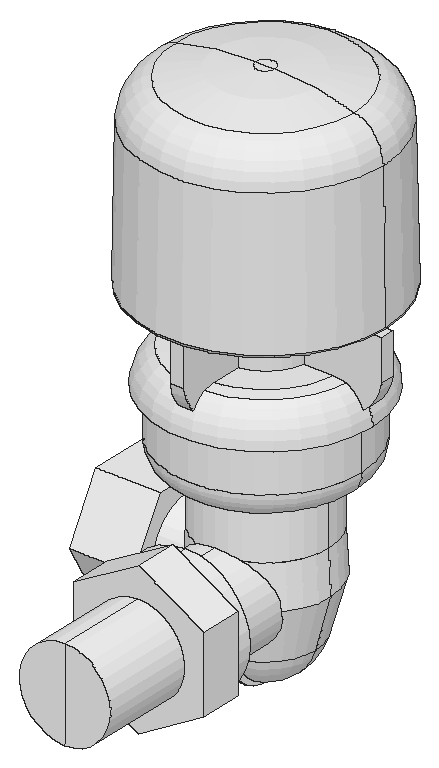
Revit family "RA-DV_Double Angle_Left_DN10-15_Aero_RFA_1", category Pipe Accessories, Revit 2019
Family settings
  Round Connector Dimension = Use Diameter
  Part Type = Valve - Breaks Into
  OmniClass Number = 23.65.55.14.17
  OmniClass Title = Adjusting/Controlling Valves for Liquid Services
  Work Plane-Based = No
  Always vertical = Yes
  Cut with Voids When Loaded = No
  Shared = No
Parameters (values of type "RA-DV_Double Angle_Left_DN15_013G7720")
  Ws1 = if(or(Sensor Type = [015G4540], Sensor Type = [015G4544], Sensor Type = [015G4542]), 30.5 mm, 28 mm)  # 28 mm
  Ws = if(or(Sensor Type = [015G4540], Sensor Type = [015G4544], Sensor Type = [015G4542]), 61 mm, 56 mm)  # 56 mm
  Weight = 0.33 kg
  W = LL1 + LL2 + LL3 + LL4 + Ws / 2  # 85.9 mm
  Valve Body Material = Danfoss Nickel Plated Brass
  URL = "https://store.danfoss.com/en/Climate-Solutions-for-heating/Radiator-Thermostats/Radiator-Valves/Build-on-valves/Dynamic-Valves/c/13865?q=%3Arelevance%3Adanfoss_producttypehierarchydesc%3ARA-DV%3Adanfoss_a223339155%3AA223_33915501594e3503226e5e7ace73d508d9a830&text="
  TH8 = 3.85 mm
  TH7 = 3.75 mm
  TH6 = 13.324 mm
  TH5 = 1.826 mm
  TH4 = 7.354 mm
  TH3 = 6.008 mm
  TH2 = 5 mm
  TH1 = 9.942 mm
  Setting Range = "1-7,N"  # constant formula
  Sensor Type = Aero Sensors_RA_RFA : Aero Sensors_Built-in_7-28 °C
  SA2 = 33 mm
  SA1 = 36.7 mm
  RT5 = 14.5 mm
  RT1 = 15.024 mm
  RR5 = 8.25 mm
  RR4 = 11.425 mm
  RR1 = 10.3 mm
  RL4 = 10.5 mm
  RL2 = 14.8 mm
  RL1 = 11.3 mm
  RB2 = 12.006 mm
  RB1 = 11.5 mm
  Pressure Drop [instance] = 0.0 Pa
  Model Type = "RA-DV_Double Angle_Left_DN15"
  Model = "013G7720"
  Min Medium Temperature = "2 °C"  # constant formula
  Min Differential Pressure = "0.1 bar"  # constant formula
  Max Operating Pressure = "10 bar"  # constant formula
  Max Medium Temperature = "95 °C"  # constant formula
  Max Flow (Text) = "135 l/h"  # constant formula
  Max Differential Pressure = "0.6 bar"  # constant formula
  Manufacturer = "Danfoss"  # constant formula
  LR2 = 15 mm
  LR1 = 18 mm
  LOD 350 = not(LOD 200)  # yes
  LOD 200 = no
  LL4 = 21.2 mm
  LL3 = 10 mm
  LL2 = 3.7 mm
  LL1 = 23 mm
  L = LR1 + LR2 + Ws / 2  # 61 mm
  IfcExportType = "RA-DV"  # constant formula
  IfcExportAs = "IfcValveType"  # constant formula
  HexR2 = 15.4 mm
  HexR1 = 17.3 mm
  Hex2 = 26.7 mm
  Hex = 30 mm
  HT = TH1 + TH2 + TH3  # 20.95 mm
  H [instance] = 125.954 mm
  Flow [instance] = 0.0 L/s
  Description = "Thermostatic Radiator Valve"  # constant formula
  D = 15 mm
  BH2 = 8.731 mm
  BH1 = 12.273 mm
  Application = "2-Pipe System"  # constant formula
  015G4544 = Aero Sensors_RA_RFA : Aero Sensors_Tamperproof_Built-in_7-21 °C_015G4544
  015G4542 = Aero Sensors_RA_RFA : Aero Sensors_Tamperproof_Remote_7-26 °C_015G4542
  015G4540 = Aero Sensors_RA_RFA : Aero Sensors_Tamperproof_Built-in_7-28 °C_015G4540
Reference planes
  plane 1 "Center (Front/Back)": y = 0
  plane 2: z = 0
  plane 3 "Center (Left/Right)": x = 0
  plane 4: y = 9.224
  plane 5: y = -33
  plane 6: z = 51.054
  plane 7: z = -21.004
  plane 8 "left": x = -26.7
  plane 9: x = -23
  plane 10 "right": y = -18
  plane 11: z = 47.204
  plane 12: z = 43.454
  plane 13: z = 30.13
  plane 14: z = 28.304
  plane 15 "top": z = 20.95
  plane 16: z = 14.942
  plane 17: z = 9.942
  plane 18: z = -12.273
  plane 19: x = -33
  plane 20 "0": x = -18
  plane 21: y = -57.9
  plane 22: y = -36.7
  plane 23 "1": y = -26.7
  plane 24: y = -23
  plane 25: x = 15.024
  plane 26: y = 15.024
  plane 27: y = 28
  plane 28: x = -28
  plane 29: x = 28
  plane 30: x = 28
Forms (mm)
  Revolve 1, solid, material "Danfoss Nickel Plated Brass" <- "Valve Body Material", visible <- "LOD 350", detail levels fine
    sketch origin (0, 0, 0) x (1, 0, 0) y (0, 0, 1)
      loop
        line (0, 20.95) -> (0, -21.004)
        arc (0, -21.004) -> (7.209, -18.561) -> (11.5, -12.273) r 12.006
        line (11.5, -12.273) -> (15.024, 0) -> (14.5, 10) -> (14.5, 20.95) -> (0, 20.95)
      axis (0, -21.004) -> (0, 20.95)
    angle from 0 to 360
  Revolve 2, solid, material "Danfoss Brass", visible <- "LOD 350", detail levels fine
    sketch origin (0, 0, 0) x (1, 0, 0) y (0, 0, 1)
      loop
        line (0, 20.95) -> (11.425, 20.95) -> (11.425, 28.304) -> (8.25, 28.304) -> (8.25, 30.13) -> (0, 30.13) -> (0, 20.95)
      axis (0, 20.95) -> (0, 30.13)
    angle from 0 to 360
  Extrusion 3, solid, material "Danfoss Nickel Plated Brass" <- "Valve Body Material", visible <- "LOD 350", detail levels fine
    sketch origin (0, 0, 0) x (0, 1, 0) y (0, 0, -1)
      loop
        line (0, 0) -> (0, 20.959) -> (-1.141, 20.959)
        arc (-1.141, 20.959) -> (-6.04, 20.166) -> (-10.199, 17.458) r 12
        line (-10.199, 17.458) -> (-26.7, 0.957) -> (-26.7, 0) -> (0, 0)
    from -2 to 2
  Revolve 4, solid, material "Danfoss Nickel Plated Brass" <- "Valve Body Material", detail levels fine
    sketch origin (0, 0, 0) x (1, 0, 0) y (0, 0, -1)
      loop
        line (0, -10.3) -> (0, 0) -> (-18, 0) -> (-18, -10.3) -> (0, -10.3)
      axis (-18, 0) -> (0, 0)
    angle from 0 to 360
  Revolve 5, solid, material "Danfoss Nickel Plated Brass" <- "Valve Body Material", detail levels fine
    sketch origin (0, 0, 0) x (0, 1, 0) y (0, 0, 1)
      loop
        line (-26.7, 0) -> (-26.7, 10.5) -> (-57.9, 10.5) -> (-57.9, 0) -> (-26.7, 0)
      axis (-57.9, 0) -> (-26.7, 0)
    angle from 0 to 360
  Revolve 6, solid, material "Danfoss Nickel Plated Brass" <- "Valve Body Material", detail levels fine
    sketch origin (0, 0, 0) x (0, 1, 0) y (0, 0, 1)
      loop
        line (-26.7, 11.3) -> (-26.7, 0) -> (0, 0) -> (0, 11.3) -> (-26.7, 11.3)
      axis (0, 0) -> (-26.7, 0)
    angle from 0 to 360
  Revolve 7, solid, material "Danfoss Nickel Plated Brass" <- "Valve Body Material", visible <- "LOD 200", detail levels fine
    sketch origin (0, 0, 0) x (0, 1, 0) y (0, 0, 1)
      loop
        line (-26.7, 17.3) -> (-36.7, 17.3) -> (-36.7, 0) -> (-26.7, 0) -> (-26.7, 17.3)
      axis (-26.7, 0) -> (-36.7, 0)
    angle from 0 to 360
  Revolve 8, solid, material "Danfoss Nickel Plated Brass" <- "Valve Body Material", visible <- "LOD 350", detail levels fine
    sketch origin (0, 0, 0) x (0, 1, 0) y (0, 0, 1)
      loop
        line (-23, 14.8) -> (-26.7, 14.8) -> (-26.7, 0) -> (-23, 0) -> (-23, 14.8)
      axis (-23, 0) -> (-26.7, 0)
    angle from 0 to 360
  Revolve 9, solid, material "Danfoss Nickel Plated Brass", visible <- "LOD 200", detail levels fine
    sketch origin (0, 0, 0) x (1, 0, 0) y (0, 0, 1)
      loop
        line (0, 20.95) -> (0, -21.004)
        arc (0, -21.004) -> (10.624, -16.604) -> (15.024, -5.98) r 15.024
        line (15.024, -5.98) -> (15.024, 20.95) -> (0, 20.95)
      axis (0, 20.95) -> (0, -21.004)
    angle from 0 to 360
  Revolve 10, solid, material "Danfoss Nickel Plated Brass" <- "Valve Body Material", detail levels fine
    sketch origin (0, 0, 0) x (1, 0, 0) y (0, 0, 1)
      loop
        line (-1, 51.054) -> (-1, 47.204) -> (0, 47.204) -> (0, 51.054) -> (-1, 51.054)
      axis (0, 47.204) -> (0, 51.054)
    angle from 0 to 360
  Revolve 11, solid, material "Danfoss Brass", visible <- "LOD 200", detail levels fine
    sketch origin (0, 0, 0) x (1, 0, 0) y (0, 0, 1)
      loop
        line (0, 30.13) -> (-11.5, 30.13) -> (-11.5, 20.95) -> (0, 20.95) -> (0, 30.13)
      axis (0, 20.95) -> (0, 30.13)
    angle from 0 to 360
  Revolve 12, solid, material "Danfoss Brass", detail levels fine
    sketch origin (0, 0, 0) x (1, 0, 0) y (0, 0, 1)
      loop
        line (-5.8, 47.204) -> (-5.8, 43.454) -> (0, 43.454) -> (0, 47.204) -> (-5.8, 47.204)
      axis (0, 43.454) -> (0, 47.204)
    angle from 0 to 360
  Revolve 13, solid, material "Danfoss Plastic Green", detail levels fine
    sketch origin (0, 0, 0) x (1, 0, 0) y (0, 0, 1)
      loop
        line (-9.9, 30.13) -> (0, 30.13) -> (0, 43.454) -> (-9.9, 43.454) -> (-9.9, 30.13)
      axis (0, 30.13) -> (0, 43.454)
    angle from 0 to 360
Dimensions and locks
  "LR1": plane 1 "Center (Front/Back)" to plane 10 "right"
  "LR2": plane 10 "right" to plane 5
  "LL1": plane 3 "Center (Left/Right)" to plane 9
  "LL2": plane 9 to plane 8 "left"
  "TH1": plane 17 to level
  "TH2": plane 16 to plane 17
  "TH3": plane 15 "top" to plane 16
  "TH4": plane 14 to plane 15 "top"
  "TH5": plane 13 to plane 14
  "TH6": plane 12 to plane 13
  "TH7": plane 11 to plane 12
  "TH8": plane 6 to plane 11
  "BH1": level to plane 18
  "BH2": plane 18 to plane 7
  "RT5": Revolve 1 sketch curve to plane 3 "Center (Left/Right)"
  "RT1": Revolve 1 sketch curve to plane 3 "Center (Left/Right)"
  "RB1": Revolve 1 sketch curve to plane 3 "Center (Left/Right)"
  "RR5": Revolve 2 sketch curve to plane 3 "Center (Left/Right)"
  "RR4": Revolve 2 sketch curve to plane 3 "Center (Left/Right)"
  "LL1": plane 1 "Center (Front/Back)" to plane 24
  "LL2": plane 24 to plane 23 "1"
  "LL3": plane 23 "1" to plane 22
  "LL4": plane 22 to plane 21
  "LR1": plane 3 "Center (Left/Right)" to plane 20 "0"
  "LR2": plane 20 "0" to plane 19
  "RR1": Revolve 4 sketch curve to level
  "RL4": Revolve 5 sketch curve to level
  "RL1": Revolve 6 sketch curve to level
  "HexR1": Revolve 7 sketch curve to level
  "RL2": Revolve 8 sketch curve to level
  "RT1": Revolve 9 sketch curve to plane 3 "Center (Left/Right)"
  "RT1": Revolve 9 sketch curve to plane 7
  "RT1": plane 25 to plane 3 "Center (Left/Right)"
  "H": nested 4 to plane 7
  "RT1": plane 26 to plane 1 "Center (Front/Back)"
  "W": plane 27 to plane 21
  plane 3 "Center (Left/Right)" to Revolve 10 sketch curve = 1 mm
  plane 3 "Center (Left/Right)" to Revolve 11 sketch curve = 11.5 mm
  plane 3 "Center (Left/Right)" to Revolve 12 sketch curve = 5.8 mm
  plane 3 "Center (Left/Right)" to Revolve 13 sketch curve = 9.9 mm
  "Ws1": plane 3 "Center (Left/Right)" to plane 28
  "Ws": plane 28 to plane 29
  "L": plane 30 to plane 19
  "RB2": radius of Revolve 1 sketch curve
  "RT1": radius of Revolve 9 sketch curve
  aligned and locked: level to plane 2
  aligned and locked: plane 3 "Center (Left/Right)" to Revolve 1 sketch curve
  aligned and locked: Revolve 1 sketch curve to plane 3 "Center (Left/Right)"
  aligned and locked: plane 15 "top" to Revolve 1 sketch curve
  aligned and locked: plane 3 "Center (Left/Right)" to Revolve 2 sketch curve
  aligned and locked: Revolve 2 sketch curve to plane 14
  aligned and locked: Revolve 2 sketch curve to plane 15 "top"
  aligned and locked: plane 3 "Center (Left/Right)" to nested 3
  aligned and locked: plane 1 "Center (Front/Back)" to nested 3
  aligned and locked: Revolve 4 sketch curve to plane 20 "0"
  aligned and locked: plane 3 "Center (Left/Right)" to Revolve 4 sketch curve
  aligned and locked: Revolve 4 sketch curve to level
  aligned and locked: nested 2 to plane 1 "Center (Front/Back)"
  aligned and locked: level to nested 2
  aligned and locked: level to Revolve 5 sketch curve
  aligned and locked: plane 21 to Revolve 5 sketch curve
  aligned and locked: Revolve 5 sketch curve to level
  aligned and locked: plane 23 "1" to Revolve 5 sketch curve
  aligned and locked: Revolve 6 sketch curve to level
  aligned and locked: Revolve 6 sketch curve to plane 23 "1"
  aligned and locked: Revolve 6 sketch curve to plane 1 "Center (Front/Back)"
  aligned and locked: level to Revolve 6 sketch curve
  aligned and locked: plane 23 "1" to Revolve 7 sketch curve
  aligned and locked: Revolve 7 sketch curve to plane 22
  aligned and locked: level to Revolve 7 sketch curve  (x2)
  aligned and locked: plane 24 to Revolve 8 sketch curve
  aligned and locked: Revolve 8 sketch curve to plane 23 "1"
  aligned and locked: level to Revolve 8 sketch curve  (x2)
  aligned and locked: level to nested 1
  aligned and locked: plane 3 "Center (Left/Right)" to nested 1
  aligned and locked: Revolve 9 sketch curve to plane 15 "top"
  aligned and locked: plane 3 "Center (Left/Right)" to Revolve 9 sketch curve
  aligned and locked: Revolve 9 sketch curve to plane 3 "Center (Left/Right)"
  aligned and locked: Revolve 10 sketch curve to plane 6
  aligned and locked: Revolve 10 sketch curve to plane 11
  aligned and locked: Revolve 10 sketch curve to plane 3 "Center (Left/Right)"
  aligned and locked: plane 3 "Center (Left/Right)" to Revolve 10 sketch curve
  aligned and locked: Revolve 11 sketch curve to plane 3 "Center (Left/Right)"
  aligned and locked: Revolve 11 sketch curve to plane 13
  aligned and locked: Revolve 11 sketch curve to plane 15 "top"
  aligned and locked: Revolve 11 sketch curve to nested 3  (x2)
  aligned and locked: Revolve 12 sketch curve to plane 11
  aligned and locked: Revolve 12 sketch curve to plane 12
  aligned and locked: Revolve 12 sketch curve to plane 3 "Center (Left/Right)"
  aligned and locked: plane 3 "Center (Left/Right)" to Revolve 12 sketch curve
  aligned and locked: Revolve 13 sketch curve to plane 13
  aligned and locked: Revolve 13 sketch curve to plane 12
  aligned and locked: Revolve 13 sketch curve to plane 3 "Center (Left/Right)"
  aligned and locked: Revolve 13 sketch curve to Revolve 1
  aligned and locked: plane 3 "Center (Left/Right)" to Revolve 13 sketch curve
  aligned and locked: Revolve 2 sketch curve to plane 13
  aligned and locked: plane 3 "Center (Left/Right)" to nested 4
  aligned and locked: nested 4 to plane 15 "top"
  aligned and locked: plane 1 "Center (Front/Back)" to nested 4
  aligned and locked: nested 3 to plane 3 "Center (Left/Right)"
  aligned and locked: nested 3 to plane 1 "Center (Front/Back)"
  aligned and locked: plane 2 to nested 3
Automatic sketch dimensions
  Extrusion 3 sketch curve to plane 23 "1" = 0 mm
  Extrusion 3 sketch curve to plane 1 "Center (Front/Back)" = 0 mm
  Extrusion 3 sketch curve to level = 0 mm
  plane 10 "right" to Extrusion 3 sketch curve = 7.801 mm
  plane 1 "Center (Front/Back)" to Extrusion 3 sketch curve = 1.713 mm
  plane 7 to Extrusion 3 sketch curve = 0.045 mm
  Extrusion 3 sketch curve to Extrusion 3 sketch curve = 1.141 mm
  Extrusion 3 sketch curve to Extrusion 3 sketch curve = 0.957 mm
  plane 18 to Extrusion 3 sketch curve = 3.3 mm
  plane 6 to Revolve 10 sketch curve = 3.228 mm
  plane 6 to Revolve 12 sketch curve = 0.167 mm
  Revolve 12 sketch curve to plane 12 = 0 mm
  Revolve 10 sketch curve to plane 12 = 0 mm
  Revolve 11 sketch curve to plane 12 = 0 mm
  Revolve 13 sketch curve to plane 6 = 0 mm
  Revolve 12 sketch curve to plane 13 = 0 mm
  Revolve 1 sketch curve to plane 7 = 0 mm
  Revolve 1 sketch curve to plane 18 = 0 mm
  level to Revolve 1 sketch curve = 0 mm
  plane 17 to Revolve 1 sketch curve = 0.058 mm
  plane 6 to Revolve 1 sketch curve = 25 mm
  Revolve 1 sketch curve to Revolve 1 sketch curve = 10 mm
  Revolve 2 sketch curve to plane 3 "Center (Left/Right)" = 0 mm
  plane 6 to Revolve 2 sketch curve = 5 mm
  Revolve 2 sketch curve to Revolve 2 sketch curve = 3.788 mm
  Revolve 4 sketch curve to level = 0 mm
  Revolve 4 sketch curve to plane 25 = 0.425 mm
  plane 29 to Revolve 4 sketch curve = 5.425 mm
  Revolve 5 sketch curve to plane 21 = 20 mm
  Revolve 5 sketch curve to Revolve 5 sketch curve = 10 mm
  Revolve 6 sketch curve to plane 21 = 11.706 mm
  Revolve 6 sketch curve to Revolve 6 sketch curve = 7.383 mm
  Revolve 7 sketch curve to plane 21 = 7.432 mm
  Revolve 7 sketch curve to Revolve 7 sketch curve = 8.225 mm
  Revolve 8 sketch curve to plane 21 = 18.8 mm
  Revolve 8 sketch curve to Revolve 8 sketch curve = 17.388 mm
  Revolve 9 sketch curve to plane 7 = 14.802 mm
  Revolve 9 sketch curve to Revolve 9 sketch curve = 8.162 mm
Nested families
  nested 1: "Hexagon" at (0, -26.7, 0) x (0, 0, 1) z (0, -1, 0), h <- "LL3", a <- "Hex", visible <- "LOD 350", Body Material <- "Valve Body Material", type "Hexagon"
    with h 10 mm, b 15 mm, a 30 mm, Body Material Danfoss Nickel Plated Brass
  nested 2: "Hexagon" at (-18, 0, 0) x (0, 1, 0) z (-1, 0, 0), h <- "LR2", a <- "Hex2", visible <- "LOD 350", Body Material <- "Valve Body Material", type "Hexagon"
    with h 15 mm, b 13.35 mm, a 26.7 mm, Body Material Danfoss Nickel Plated Brass
  nested 3: "Schematic_Pressure Independent TRV_Sensor_Angle Left" at (0, 0, 0), type "Schematic_Pressure Independent TRV_Sensor_Angle Left", detail levels coarse+medium
    with L2 36.7 mm, L 33 mm, LA_1 2.472 mm, L1/3 24.467 mm, HT 20.95 mm, HA_2 17.8 mm, HA_1 4.45 mm, HA 22.25 mm, LA 13.35 mm, L1/9 8.156 mm, L1 73.4 mm, D 26.7 mm
  nested 4: "Aero Sensors_RA_RFA" at (0, 0, 20.95), LOD 200 <- "LOD 200", type <- "Sensor Type", type "Aero Sensors_Built-in_7-28 °C", detail levels fine
    with Y' 700 mm, X' 700 mm, LOD 350 yes, LOD 200 no, Box Z Offset 100 mm, Box Y Offset 100 mm, Box X Offset 100 mm
Connectors
  piping at (0, -36.7, 0), diameter 15, driven by "D", driven by "Flow"
    settings: on nested 1, index 1, connector inside diameter 609.6 mm, connector length 0 mm, flow factor 0, pipe flow 0.0 L/s, pressure drop 0.0 Pa, fitting loss kfactor 0, connector angle 0.00°, fixture units 0, engagement length 0 mm, angle of deflection 0.00°, flow configuration 0, flow direction 2, fitting loss method 0, system type 29, joint type 0, gender type 0, connector reference index 2, connector utility 0, adjustable connector no, is connector primary no, connector description ""
  piping at (-33, 0, 0), diameter 15, driven by "D", driven by "Flow"
    settings: on nested 2, index 2, connector inside diameter 609.6 mm, connector length 0 mm, flow factor 0, pipe flow 0.0 L/s, pressure drop 0.0 Pa, fitting loss kfactor 0, connector angle 0.00°, fixture units 0, engagement length 0 mm, angle of deflection 0.00°, flow configuration 0, flow direction 1, fitting loss method 0, system type 29, joint type 0, gender type 0, connector reference index 1, connector utility 0, adjustable connector no, is connector primary yes, connector description ""
Definition of nested family "Hexagon"
  Parameters (values of type "Hexagon")
    h [instance] = 4 mm
    b [instance] = a / 2  # 10 mm
    a [instance] = 20 mm
    Default Elevation = 1219.2 mm
    Body Material [instance] = none
  Reference planes
    plane 1 "Center (Front/Back)": y = 0
    plane 2: z = 0
    plane 3 "Center (Left/Right)": x = 0
    plane 4: z = 4
  Forms (mm)
    Extrusion 1, solid
      sketch origin (0, 0, 0) x (1, 0, 0) y (0, 1, 0)
        loop
          line (-1219.2, 1219.2) -> (-1219.2, -1219.2) -> (1219.2, -1219.2) -> (1219.2, 1219.2) -> (-1219.2, 1219.2)
      from 0 to -304.8
    Extrusion 2, solid, material <- "Body Material", detail levels fine
      sketch origin (0, 0, 0) x (1, 0, 0) y (0, 1, 0)
        loop
          line (5.774, 10) -> (-5.774, 10) -> (-11.547, 0) -> (-5.774, -10) -> (5.774, -10) -> (11.547, 0) -> (5.774, 10)
      from 0 to 4
  Lines and regions (mm)
    reference lines
      curve 1: line (125, -216.506, 0) -> (-125, 216.506, 0)
      curve 2: line (-125, -216.506, 0) -> (125, 216.506, 0)
  Dimensions and locks
    "h": plane 4 to level
    "b": curve 1 to Extrusion 2 sketch curve
    "b": Extrusion 2 sketch curve to curve 1
    "b": Extrusion 2 sketch curve to curve 2  (x2)
    "b": plane 1 "Center (Front/Back)" to Extrusion 2 sketch curve
    "b": Extrusion 2 sketch curve to plane 1 "Center (Front/Back)"
    aligned and locked: plane 2 to Extrusion 1
    aligned and locked: level to Extrusion 1
    aligned and locked: plane 4 to Extrusion 2
  Automatic sketch dimensions
    Extrusion 1 sketch curve to Extrusion 1 sketch curve = 2438.4 mm  (x2)
    curve 1 to plane 3 "Center (Left/Right)" = 125 mm
    plane 1 "Center (Front/Back)" to curve 2 = 216.506 mm
    curve 2 to plane 3 "Center (Left/Right)" = 125 mm
    plane 3 "Center (Left/Right)" to curve 2 = 125 mm
    plane 3 "Center (Left/Right)" to curve 1 = 125 mm
    plane 1 "Center (Front/Back)" to curve 1 = 216.506 mm
    curve 2 to plane 1 "Center (Front/Back)" = 216.506 mm
    curve 1 to plane 1 "Center (Front/Back)" = 216.506 mm
Definition of nested family "Aero Sensors_RA_RFA"
  Parameters (values of type "Aero Sensors_Built-in_7-28 °C")
    YH = XYadd - H'  # 516 mm
    Y' [instance] = if(Box Y Offset < -1 * XYlimit, XYadd - XYlimit, (if(Box Y Offset > XYlimit, XYadd + XYlimit, Box Y Offset + XYadd)))  # 700 mm
    XYadd = XYlimit + 100 mm  # 600 mm
    X' [instance] = if(Box X Offset < -1 * XYlimit, XYadd - XYlimit, (if(Box X Offset > XYlimit, XYadd + XYlimit, Box X Offset + XYadd)))  # 700 mm
    XYlimit = 500 mm
    W [instance] = 56 mm
    Min Temperature Setting = "7 °C"
    Max Temperature Setting = "28 °C"
    Max Capillary Tube Length = 0 mm
    Sensor Media = "Gas"  # constant formula
    Remote Sensor = if(RS = 1, 1 = 1, 1 = 0)  # no
    Box Z Offset [instance] = 100 mm  # constant formula
    URL = "https://store.danfoss.com/en/Climate-Solutions-for-heating/Radiator-Thermostats/Radiator-sensors/Room-sensor-mTRV/Sensors-for-Danfoss-RA-valves/c/13884?q=%3Arelevance%3Adanfoss_producttypehierarchydesc%3ADanfoss+Aero%C2%AE+Sensors%3Adanfoss_a1186338575%3AA1186_3385757565fa0f3e171a343b2fd2a01064cb82&text="
    RS = 0
    Model Type = "Aero Sensors_Built-in_7-28 °C"
    Model = "015G4590,015G4594,015G4580,015G5201,015G4595,015G4598"
    Manufacturer = "Danfoss"  # constant formula
    LOD 350 [instance] = not(LOD 200)  # yes
    LOD 200 [instance] = no
    L [instance] = 56 mm
    IfcExportType = "Aero Sensors"  # constant formula
    IfcExportAs = "IfcActuatorType"  # constant formula
    H' = 84 mm
    H [instance] = 84 mm
    Description = "Radiator Sensor"  # constant formula
    Connection = "RA"  # constant formula
    Box Y Offset [instance] = 100 mm
    Box X Offset [instance] = 100 mm
    Body Material = none
    Aero Sensor = Aero_RFA : Aero Sensors
  Types (10, lengths in mm): name | YH | Y' | XYadd | X' | XYlimit | W | Min Temperature Setting | Max Temperature Setting | Max Capillary Tube Length | Remote Sensor | URL | RS | Model Type | Model | L | Aero Sensor
    Aero Sensors_Built-in_7-28 °C | 516 | 700 | 600 | 700 | 500 | 56 | "7 °C" | "28 °C" | 0 | no | "https://store.danfoss.com/en/Climate-Solutions-for-heating/Radiator-Thermostats/Radiator-sensors/Room-sensor-mTRV/Sensors-for-Danfoss-RA-valves/c/13884?q=%3Arelevance%3Adanfoss_producttypehierarchydesc%3ADanfoss+Aero%C2%AE+Sensors%3Adanfoss_a1186338575%3AA1186_3385757565fa0f3e171a343b2fd2a01064cb82&text=" | 0 | "Aero Sensors_Built-in_7-28 °C" | "015G4590,015G4594,015G4580,015G5201,015G4595,015G4598" | 56 | Aero_RFA : Aero Sensors
    Aero Sensors_Tamperproof_Built-in_7-28 °C_015G4540 | 516 | 700 | 600 | 700 | 500 | 61 | "7 °C" | "28 °C" | 0 | no | "https://store.danfoss.com/en/Climate-Solutions-for-heating/Radiator-Thermostats/Radiator-sensors/Room-sensor-mTRV/Sensors-for-Danfoss-RA-valves/c/13884?q=%3Arelevance%3Adanfoss_producttypehierarchydesc%3ADanfoss+Aero%C2%AE+Sensors%3Adanfoss_a1186338575%3AA1186_3385757565fa0f3e171a343b2fd2a01064cb82&text=" | 0 | "Aero Sensors_Tamperproof_Built-in_7-28 °C" | "015G4540" | 61 | Aero_RFA : Aero Sensors_Tamper
    Aero Sensors_Remote_7-26 °C_015G4592 | 1016 | 1200 | 1100 | 1200 | 1000 | 56 | "7 °C" | "26 °C" | 2000 | yes | "https://store.danfoss.com/en/Climate-Solutions-for-heating/Radiator-Thermostats/Radiator-sensors/Room-sensor-mTRV/Sensors-for-Danfoss-RA-valves/c/13884?q=%3Arelevance%3Adanfoss_producttypehierarchydesc%3ADanfoss+Aero%C2%AE+Sensors%3Adanfoss_a1186338575%3AA1186_3385756922a4d78decdb47e1e9a53dbb12a95d&text=" | 1 | "Aero Sensors_Remote_7-26 °C" | "015G4592" | 56 | Aero_RFA : Aero Sensors
    Aero Sensors_Tamperproof_Remote_7-26 °C_015G4542 | 1016 | 1200 | 1100 | 1200 | 1000 | 61 | "7 °C" | "26 °C" | 2000 | yes | "https://store.danfoss.com/en/Climate-Solutions-for-heating/Radiator-Thermostats/Radiator-sensors/Room-sensor-mTRV/Sensors-for-Danfoss-RA-valves/c/13884?q=%3Arelevance%3Adanfoss_producttypehierarchydesc%3ADanfoss+Aero%C2%AE+Sensors%3Adanfoss_a1186338575%3AA1186_3385756922a4d78decdb47e1e9a53dbb12a95d&text=" | 1 | "Aero Sensors_Tamperproof_Remote_7-26 °C" | "015G4542" | 61 | Aero_RFA : Aero Sensors_Tamper
    Aero Sensors_Built-in_16-28 °C | 516 | 700 | 600 | 700 | 500 | 56 | "16 °C" | "28 °C" | 0 | no | "https://store.danfoss.com/en/Climate-Solutions-for-heating/Radiator-Thermostats/Radiator-sensors/Room-sensor-mTRV/Sensors-for-Danfoss-RA-valves/c/13884?q=%3Arelevance%3Adanfoss_producttypehierarchydesc%3ADanfoss+Aero%C2%AE+Sensors%3Adanfoss_a1186338575%3AA1186_3385757565fa0f3e171a343b2fd2a01064cb82&text=" | 0 | "Aero Sensors_Built-in_16-28 °C" | "015G4596,015G5200" | 56 | Aero_RFA : Aero Sensors
    Aero Sensors_Built-in_7-21 °C | 516 | 700 | 600 | 700 | 500 | 56 | "7 °C" | "21 °C" | 0 | no | "https://store.danfoss.com/en/Climate-Solutions-for-heating/Radiator-Thermostats/Radiator-sensors/Room-sensor-mTRV/Sensors-for-Danfoss-RA-valves/c/13884?q=%3Arelevance%3Adanfoss_producttypehierarchydesc%3ADanfoss+Aero%C2%AE+Sensors%3Adanfoss_a1186338575%3AA1186_3385757565fa0f3e171a343b2fd2a01064cb82&text=" | 0 | "Aero Sensors_Built-in_7-21 °C" | "015G4690,015G4680" | 56 | Aero_RFA : Aero Sensors
    Aero Sensors_Built-in_7-22 °C_015G4622 | 516 | 700 | 600 | 700 | 500 | 56 | "7 °C" | "22 °C" | 0 | no | "https://store.danfoss.com/en/Climate-Solutions-for-heating/Radiator-Thermostats/Radiator-sensors/Room-sensor-mTRV/Sensors-for-Danfoss-RA-valves/c/13884?q=%3Arelevance%3Adanfoss_producttypehierarchydesc%3ADanfoss+Aero%C2%AE+Sensors%3Adanfoss_a1186338575%3AA1186_3385757565fa0f3e171a343b2fd2a01064cb82&text=" | 0 | "Aero Sensors_Built-in_7-22 °C" | "015G4622" | 56 | Aero_RFA : Aero Sensors
    Aero Sensors_Built-in_7-23 °C | 516 | 700 | 600 | 700 | 500 | 56 | "7 °C" | "23 °C" | 0 | no | "https://store.danfoss.com/en/Climate-Solutions-for-heating/Radiator-Thermostats/Radiator-sensors/Room-sensor-mTRV/Sensors-for-Danfoss-RA-valves/c/13884?q=%3Arelevance%3Adanfoss_producttypehierarchydesc%3ADanfoss+Aero%C2%AE+Sensors%3Adanfoss_a1186338575%3AA1186_3385757565fa0f3e171a343b2fd2a01064cb82&text=" | 0 | "Aero Sensors_Built-in_7-23 °C" | "015G4623,015G5205" | 56 | Aero_RFA : Aero Sensors
    Aero Sensors_Remote_7-21 °C | 1016 | 1200 | 1100 | 1200 | 1000 | 56 | "7 °C" | "21 °C" | 2000 | yes | "https://store.danfoss.com/en/Climate-Solutions-for-heating/Radiator-Thermostats/Radiator-sensors/Room-sensor-mTRV/Sensors-for-Danfoss-RA-valves/c/13884?q=%3Arelevance%3Adanfoss_producttypehierarchydesc%3ADanfoss+Aero%C2%AE+Sensors%3Adanfoss_a1186338575%3AA1186_3385756922a4d78decdb47e1e9a53dbb12a95d&text=" | 1 | "Aero Sensors_Remote_7-21 °C" | "015G4692,015G4682" | 56 | Aero_RFA : Aero Sensors
    Aero Sensors_Tamperproof_Built-in_7-21 °C_015G4544 | 516 | 700 | 600 | 700 | 500 | 61 | "7 °C" | "21 °C" | 0 | no | "https://store.danfoss.com/en/Climate-Solutions-for-heating/Radiator-Thermostats/Radiator-sensors/Room-sensor-mTRV/Sensors-for-Danfoss-RA-valves/c/13884?q=%3Arelevance%3Adanfoss_producttypehierarchydesc%3ADanfoss+Aero%C2%AE+Sensors%3Adanfoss_a1186338575%3AA1186_3385757565fa0f3e171a343b2fd2a01064cb82&text=" | 0 | "Aero Sensors_Tamperproof_Built-in_7-21 °C" | "015G4544" | 61 | Aero_RFA : Aero Sensors_Tamper
  Reference planes
    plane 1 "Center (Front/Back)": y = 0
    plane 2: z = 0
    plane 3 "Center (Left/Right)": x = 0
    plane 4: x = -600
    plane 5: z = -516
    plane 6: z = 184
    plane 7: z = 84
  Lines and regions (mm)
    reference lines
      curve 1: line (100, 100, 0) -> (100, 0, 0)
      curve 2: line (17.515, 100, 0) -> (-57.515, 100, 0)
  Dimensions and locks
    "XYadd": plane 4 to plane 3 "Center (Left/Right)"
    "YH": level to plane 5
    locked: plane 1 "Center (Front/Back)" to curve 2 at 100
    "Y'": plane 6 to plane 5
    "X'": plane 4 to curve 1
    "Box Z Offset": nested 1 to plane 1 "Center (Front/Back)"
    nested 1 to plane 3 "Center (Left/Right)" = 100 mm
    "H": nested 2 to level
    nested 1 to nested 2 = 100 mm
    "L": nested 2 to nested 2
    "W": nested 2 to nested 2
    aligned and locked: level to plane 2
    aligned and locked: curve 1 to nested 1
    aligned and locked: plane 6 to nested 1
    aligned and locked: plane 3 "Center (Left/Right)" to nested 2
    aligned and locked: nested 2 to level
    aligned and locked: plane 1 "Center (Front/Back)" to nested 2
    aligned and locked: plane 7 to nested 2
  Automatic sketch dimensions
    plane 1 "Center (Front/Back)" to curve 1 = 0 mm
    plane 3 "Center (Left/Right)" to curve 2 = 17.515 mm
    curve 2 to plane 3 "Center (Left/Right)" = 57.515 mm
  Nested families
    nested 1: "Remote sensor_box_RFA" at (100, 100, 184) x (-1, 0, 0) z (0, -1, 0), LOD 200 <- "LOD 200", Body Material <- "Body Material", visible <- "Remote Sensor", type "Remote sensor_box"
      with LOD 350 yes, LOD 200 no, Body Material none
    nested 2: "Aero_RFA" at (0, 0, 0), type <- "Aero Sensor", type "Aero Sensors", detail levels fine
  Definition of nested family "Remote sensor_box_RFA"
    Parameters (values of type "Remote sensor_box")
      W [instance] = 56 mm
      URL = ""
      Sensor Media = "Gas Sensor"  # constant formula
      Model = ""
      Manufacturer = "Danfoss"  # constant formula
      LOD 350 [instance] = not(LOD 200)  # no
      LOD 200 [instance] = yes
      L [instance] = 26 mm
      IfcExportType = "Remote Gas Sensor"  # constant formula
      IfcExportAs = "IfcActuatorType"  # constant formula
      H [instance] = 25 mm
      Description = "Radiator Sensor"  # constant formula
      Default Elevation = 1219.2 mm
      Body Material [instance] = none
    Reference planes
      plane 1 "Center (Front/Back)": y = 0
      plane 2: z = 0
      plane 3 "Center (Left/Right)": x = 0
      plane 4: z = 25
      plane 5: y = 28
      plane 6: y = -28
      plane 7: x = -13
      plane 8: x = 13
    Forms (mm)
      Extrusion 1, solid, material <- "Body Material", detail levels fine
        sketch origin (0, 0, 83.1) x (0, -1, 0) y (1, 0, 0)
          loop
            line (-23.8, -10) -> (23.8, -10) -> (23.8, 9.915) -> (-23.8, 9.915) -> (-23.8, -10)
        from -83.1 to -77.6
      Extrusion 2, solid, material <- "Body Material", visible <- "LOD 200", detail levels fine
        sketch origin (0, 0, 88.6) x (0, -1, 0) y (1, 0, 0)
          loop
            line (-28, -13) -> (28, -13) -> (28, 13) -> (-28, 13) -> (-28, -13)
        from -83.1 to -63.6
      Blend 3, solid, material <- "Body Material", visible <- "LOD 350", detail levels fine
        base sketch origin (0, 0, 82.972) x (0, -1, 0) y (1, 0, 0)
          loop
            line (-28.001, -13) -> (28, -13) -> (28, 13) -> (-28.001, 13) -> (-28.001, -13)
        top sketch origin (0, 0, 82.972) x (0, -1, 0) y (1, 0, 0)
          loop
            line (-26.435, -11.489) -> (26.435, -11.489) -> (26.435, 11.489) -> (-26.435, 11.489) -> (-26.435, -11.489)
        from -77.6 to -57.972
      Extrusion 4, void
        sketch origin (0, 0, 0) x (0, 1, 0) y (0, 0, 1)
          loop
            line (28.001, 5.372) -> (31.043, 5.372) -> (31.043, 25) -> (25.964, 25) -> (28.001, 5.372)
          loop
            line (-25.965, 25) -> (-31.105, 25) -> (-31.105, 5.372) -> (-28, 5.372) -> (-25.965, 25)
        from -17.5 to 17.5
      Extrusion 5, solid, material <- "Body Material", detail levels coarse+medium
        sketch origin (0, 0, 0) x (0, 1, 0) y (0, 0, 1)
          loop
            line (28, 25) -> (-28, 25) -> (-28, 0) -> (28, 0) -> (28, 25)
        from -13 to 13
    Dimensions and locks
      "H": plane 4 to level
      equal spacing: plane 7, plane 3 "Center (Left/Right)", plane 8
      equal spacing: plane 5, plane 1 "Center (Front/Back)", plane 6
      "W": plane 5 to plane 6
      "L": plane 7 to plane 8
      plane 8 to plane 7 = 26 mm
      level to Extrusion 5 = 25 mm
      aligned and locked: level to plane 2
      aligned and locked: Extrusion 1 to level
      aligned and locked: Extrusion 2 to plane 7
      aligned and locked: plane 8 to Extrusion 2
      aligned and locked: plane 4 to Extrusion 2
      aligned and locked: plane 5 to Extrusion 2
      aligned and locked: Extrusion 2 to plane 6
    Automatic sketch dimensions
      Extrusion 1 sketch curve to plane 5 = 4.2 mm
      plane 6 to Extrusion 1 sketch curve = 4.2 mm
      plane 7 to Extrusion 1 sketch curve = 3 mm
      Extrusion 1 sketch curve to plane 8 = 3.085 mm
      Extrusion 2 sketch curve to plane 5 = 0 mm
      Extrusion 2 sketch curve to plane 6 = 0 mm
      plane 7 to Extrusion 2 sketch curve = 0 mm
      Extrusion 2 sketch curve to plane 8 = 0 mm
      plane 6 to Blend 3 sketch curve = 0 mm
      Blend 3 sketch curve to plane 5 = 1.565 mm
      plane 7 to Blend 3 sketch curve = 1.511 mm
      plane 6 to Blend 3 sketch curve = 1.565 mm
      Blend 3 sketch curve to plane 8 = 1.511 mm
      Extrusion 4 sketch curve to plane 4 = 0 mm  (x2)
      Extrusion 4 sketch curve to plane 6 = 3.105 mm
      plane 6 to Extrusion 4 sketch curve = 0 mm
      plane 5 to Extrusion 4 sketch curve = 0.001 mm
      level to Extrusion 4 sketch curve = 5.372 mm  (x2)
      plane 6 to Extrusion 4 sketch curve = 2.035 mm
      Extrusion 4 sketch curve to plane 5 = 2.036 mm
      Extrusion 4 sketch curve to Extrusion 4 sketch curve = 3.042 mm
      plane 5 to Blend 3 sketch curve = 0.001 mm
      plane 7 to Blend 3 sketch curve = 0 mm
      Blend 3 sketch curve to plane 8 = 0 mm
      Extrusion 5 sketch curve to plane 4 = 0 mm
      Extrusion 5 sketch curve to plane 6 = 0 mm
      Extrusion 5 sketch curve to level = 0 mm
      Extrusion 5 sketch curve to plane 5 = 0 mm
  Definition of nested family "Aero_RFA"
    Parameters (values of type "Aero Sensors")
      W = L  # 56 mm
      URL = ""
      Model Type = "Aero Sensors"
      L = 56 mm
      Sensor Media = "Gas"  # constant formula
      Model = ""
      Manufacturer = "Danfoss"  # constant formula
      LOD 350 = not(LOD 200)  # yes
      LOD 200 = no
      IfcExportType = "Aero Sensors"  # constant formula
      IfcExportAs = "IfcActuatorType"  # constant formula
      H [instance] = 84 mm
      Description = "Radiator Sensor"  # constant formula
      D1 = 1 mm
      Connection = "RA"  # constant formula
      Body Material = none
      With Tamper (LOD 200) = if(and(LOD 200, D1 = 0 mm), 1 = 1, 1 = 0)  # no
      With Tamper (LOD 350) = if(and(LOD 350, D1 = 0 mm), 1 = 1, 1 = 0)  # no
      Standard (LOD 200) = if(and(LOD 200, D1 > 0 mm), 1 = 1, 1 = 0)  # no
      Standard (LOD 350) = if(and(LOD 350, D1 > 0 mm), 1 = 1, 1 = 0)  # yes
    Types (2, lengths in mm): name | W | Model Type | L | D1 | With Tamper (LOD 350) | Standard (LOD 350)
      Aero Sensors | 56 | "Aero Sensors" | 56 | 1 | no | yes
      Aero Sensors_Tamper | 61 | "Aero Sensors_Tamper" | 61 | 0 | yes | no
    Reference planes
      plane 1 "Center (Front/Back)": y = 0
      plane 2: z = 0
      plane 3 "Center (Left/Right)": x = 0
      plane 4: z = 84
      plane 5: z = 15.7
      plane 6: z = 55.7
      plane 7: z = 38.9
      plane 8: x = 28
      plane 9: x = -28
      plane 10: y = 28
      plane 11: y = -28
    Forms (mm)
      Revolve 1, solid, material <- "Body Material", visible <- "Standard (LOD 350)"
        sketch origin (58.75, 0, 0) x (1, 0, 0) y (0, 0, 1)
          loop
            line (-81.015, 17.711) -> (-81.015, 7.41)
            arc (-81.015, 7.41) -> (-79.155, 2.921) -> (-74.665, 1.061) r 6.349
            line (-74.665, 1.061) -> (-72.426, 1.061) -> (-71.627, 0) -> (-58.75, 0) -> (-58.75, 26.296) -> (-75.835, 26.296) -> (-78.801, 25.879)
            arc (-78.801, 25.879) -> (-82.169, 22.397) -> (-83.397, 17.711) r 9.556
            line (-83.397, 17.711) -> (-81.015, 17.711)
          axis (-58.75, 26.296) -> (-58.75, 0)
        angle from 0 to 360
      Revolve 2, solid, material <- "Body Material", visible <- "Standard (LOD 200)"
        sketch origin (0, 0, 0) x (1, 0, 0) y (0, 0, 1)
          loop
            line (-27.989, 71.35) -> (-27.989, 26.296) -> (0, 26.296) -> (0, 83.808) -> (-6.101, 83.808)
            arc (-6.101, 83.808) -> (-13.09, 83.312) -> (-19.938, 81.833) r 49.463
            arc (-19.938, 81.833) -> (-25.744, 77.959) -> (-27.989, 71.35) r 10.851
          axis (0, 83.808) -> (0, 26.296)
        angle from 0 to 360
      Extrusion 3, solid, material <- "Body Material", visible <- "Standard (LOD 350)"
        sketch origin (0, 0, 0) x (1, 0, 0) y (0, 0, 1)
          loop
            line (-10.112, 38.861) -> (-18.956, 38.861) -> (-22.118, 37.969) -> (-28, 37.969) -> (-28, 28.615)
            arc (-28, 28.615) -> (-24.743, 22.336) -> (-18.133, 19.817) r 9.932
            line (-18.133, 19.817) -> (-10.112, 19.817) -> (-10.112, 38.861)
        from -1.599 to 1.564
      Extrusion 4, solid, material <- "Body Material", visible <- "Standard (LOD 350)"
        sketch origin (0, 0, 0) x (0, 1, 0) y (0, 0, 1)
          loop
            line (-7.612, 38.861) -> (-16.456, 38.861) -> (-19.618, 37.969) -> (-25.5, 37.969) -> (-25.5, 28.615)
            arc (-25.5, 28.615) -> (-22.243, 22.336) -> (-15.633, 19.817) r 9.932
            line (-15.633, 19.817) -> (-7.612, 19.817) -> (-7.612, 38.861)
        from -1.599 to 1.564
      Extrusion 5, solid, material <- "Body Material", visible <- "Standard (LOD 350)"
        sketch origin (0, 0, 0) x (-1, 0, 0) y (0, 0, -1)
          loop
            line (-10.112, -38.861) -> (-10.112, -19.817) -> (-18.133, -19.817)
            arc (-18.133, -19.817) -> (-24.743, -22.336) -> (-28, -28.615) r 9.932
            line (-28, -28.615) -> (-28, -37.969) -> (-22.118, -37.969) -> (-18.956, -38.861) -> (-10.112, -38.861)
        from -1.599 to 1.564
      Revolve 6, solid, material <- "Body Material", visible <- "Standard (LOD 200)"
        sketch origin (0, 0, 0) x (1, 0, 0) y (0, 0, 1)
          loop
            line (-22.577, 26.296) -> (-22.577, 0) -> (0, 0) -> (0, 26.296) -> (-22.577, 26.296)
          axis (0, 26.296) -> (0, 0)
        angle from 0 to 360
      Revolve 7, solid, material <- "Body Material", visible <- "With Tamper (LOD 200)"
        sketch origin (0, 0, 0) x (1, 0, 0) y (0, 0, 1)
          loop
            line (-17.049, 15.7) -> (-17.049, 0) -> (0, 0) -> (0, 15.7) -> (-17.049, 15.7)
          axis (0, 15.7) -> (0, 0)
        angle from 0 to 360
      Extrusion 8, solid, material <- "Body Material", visible <- "Standard (LOD 350)"
        sketch origin (0, 0, 0) x (0, 1, 0) y (0, 0, 1)
          loop
            line (7.612, 38.861) -> (7.612, 19.42) -> (16.192, 19.42)
            arc (16.192, 19.42) -> (20.244, 20.167) -> (23.763, 22.31) r 11.36
            arc (23.763, 22.31) -> (25.412, 24.295) -> (26.713, 26.524) r 15.693
            line (26.713, 26.524) -> (25.847, 26.524) -> (25.847, 38.861) -> (7.612, 38.861)
        from -1.6 to 1.56
      Revolve 9, solid, material <- "Body Material", visible <- "Standard (LOD 350)"
        sketch origin (0, 0, 0) x (1, 0, 0) y (0, 0, 1)
          loop
            line (0, 38.861) -> (-10.112, 38.861) -> (-10.112, 26.296) -> (0, 26.296) -> (0, 38.861)
          axis (0, 38.861) -> (0, 26.296)
        angle from 0 to 360
      Extrusion 10, solid, visible <- "Standard (LOD 350)"
        sketch origin (-10, 0, 0) x (1, 0, 0) y (0, 0, 1)
          loop
            arc (11.774, 26.527) -> (13.062, 27.175) -> (13.617, 28.507) r 2.075
            line (13.617, 28.507) -> (13.617, 31.972)
            arc (13.617, 31.972) -> (13.435, 33.865) -> (12.894, 35.69) r 9.921
            arc (12.894, 35.69) -> (12.616, 36.316) -> (12.295, 36.921) r 9.921
            arc (12.295, 36.921) -> (11.778, 37.482) -> (11.072, 37.77) r 1.747
            line (11.072, 37.77) -> (8.928, 37.77)
            arc (8.928, 37.77) -> (8.222, 37.482) -> (7.705, 36.921) r 1.747
            arc (7.705, 36.921) -> (7.384, 36.316) -> (7.106, 35.69) r 9.921
            arc (7.106, 35.69) -> (6.565, 33.865) -> (6.383, 31.972) r 9.921
            line (6.383, 31.972) -> (6.383, 28.507)
            arc (6.383, 28.507) -> (6.938, 27.175) -> (8.226, 26.527) r 2.075
            line (8.226, 26.527) -> (11.774, 26.527)
        from -27.797 to -25.847
      Revolve 11, solid, material <- "Body Material", visible <- "Standard (LOD 350)"
        sketch origin (0, 0, 0) x (1, 0, 0) y (0, 0, 1)
          loop
            line (-27.181, 72.625) -> (-27.823, 39.37)
            arc (-27.823, 39.37) -> (-27.604, 38.947) -> (-27.131, 38.9) r 0.499
            line (-27.131, 38.9) -> (-17.836, 38.9) -> (0, 38.9) -> (0, 83.811) -> (-2.223, 83.811)
            arc (-2.223, 83.811) -> (-11.503, 83.187) -> (-20.617, 81.328) r 69.366
            arc (-20.617, 81.328) -> (-25.309, 78.04) -> (-27.181, 72.625) r 9.291
          axis (0, 83.811) -> (0, 38.9)
        angle from 0 to 360
      Revolve 12, solid, material <- "Body Material", visible <- "With Tamper (LOD 350)"
        sketch origin (0, 0, 0) x (1, 0, 0) y (0, 0, 1)
          loop
            line (-27.64, 55.7) -> (-29.195, 55.7) -> (-30.485, 54.745) -> (-30.485, 38.723) -> (-22.149, 18.09)
            arc (-22.149, 18.09) -> (-20.819, 16.357) -> (-18.736, 15.7) r 3.632
            line (-18.736, 15.7) -> (0, 15.7) -> (0, 83.75)
            arc (0, 83.75) -> (-2.863, 83.722) -> (-5.726, 83.66) r 248.1
            arc (-5.726, 83.66) -> (-12.108, 83.017) -> (-18.449, 82.06) r 129.753
            arc (-18.449, 82.06) -> (-25.038, 78.256) -> (-27.64, 71.108) r 11.121
            line (-27.64, 71.108) -> (-27.64, 55.7)
          axis (0, 83.75) -> (0, 15.7)
        angle from 0 to 360
      Revolve 13, solid, material <- "Body Material", visible <- "With Tamper (LOD 200)"
        sketch origin (0, 0, 0) x (1, 0, 0) y (0, 0, 1)
          loop
            line (0, 84) -> (-6.444, 84)
            arc (-6.444, 84) -> (-19.151, 81.895) -> (-30.5, 75.805) r 39.405
            line (-30.5, 75.805) -> (-30.5, 38.991) -> (-21.201, 15.7) -> (0, 15.7) -> (0, 84)
          axis (0, 84) -> (0, 15.7)
        angle from 0 to 360
      Revolve 14, solid, material <- "Body Material", visible <- "With Tamper (LOD 200)"
        sketch origin (0, 0, 0) x (1, 0, 0) y (0, 0, 1)
          loop
            line (-17.049, 15.7) -> (-17.049, 0) -> (0, 0) -> (0, 15.7) -> (-17.049, 15.7)
          axis (0, 15.7) -> (0, 0)
        angle from 0 to 360
      Revolve 15, solid, material <- "Body Material", visible <- "With Tamper (LOD 350)"
        sketch origin (0, 0, 0) x (1, 0, 0) y (0, 0, 1)
          loop
            line (-13.252, 0) -> (0, 0) -> (0, 15.7) -> (-17.049, 15.7) -> (-17.049, 1.11) -> (-13.252, 1.11) -> (-13.252, 0)
          axis (0, 15.7) -> (0, 0)
        angle from 0 to 360
    Lines and regions (mm)
      symbolic lines
        curve 1: line (25.939, -10.66, 0) -> (27.155, -6.916, 0)
    Dimensions and locks
      "H": plane 4 to level
      locked: plane 5 to level at 15.7
      locked: plane 6 to level at 55.7
      level to Extrusion 10 sketch curve = 26.527 mm
      level to Extrusion 10 sketch curve = 37.77 mm
      Extrusion 10 sketch curve to plane 3 "Center (Left/Right)" to Extrusion 10 sketch curve = 3.617 mm, 3.617 mm
      locked: plane 7 to level at 38.9
      plane 3 "Center (Left/Right)" to Revolve 15 sketch curve = 17.049 mm
      equal spacing: plane 8, plane 3 "Center (Left/Right)", plane 9
      "L": plane 8 to plane 9
      equal spacing: plane 11, plane 1 "Center (Front/Back)", plane 10
      "W": plane 11 to plane 10
      aligned and locked: level to plane 2
      aligned and locked: Revolve 6 sketch curve to level
      aligned and locked: plane 3 "Center (Left/Right)" to Revolve 6 sketch curve
      aligned and locked: Revolve 6 sketch curve to plane 3 "Center (Left/Right)"
      aligned and locked: Revolve 7 sketch curve to plane 5
      aligned and locked: Revolve 7 sketch curve to level
      aligned and locked: Revolve 7 sketch curve to plane 3 "Center (Left/Right)"  (x2)
      aligned and locked: Revolve 2 sketch curve to plane 3 "Center (Left/Right)"
      aligned and locked: Revolve 9 sketch curve to plane 3 "Center (Left/Right)"  (x2)
      aligned and locked: Extrusion 3 to Revolve 9 sketch curve
      aligned and locked: Revolve 1 to Revolve 9 sketch curve
      aligned and locked: plane 3 "Center (Left/Right)" to Revolve 1 sketch curve
      aligned and locked: Revolve 1 sketch curve to plane 3 "Center (Left/Right)"
      aligned and locked: Revolve 11 sketch curve to plane 7
      aligned and locked: Revolve 11 sketch curve to plane 3 "Center (Left/Right)"  (x2)
      aligned and locked: plane 6 to Revolve 12 sketch curve
      aligned and locked: plane 3 "Center (Left/Right)" to Revolve 13 sketch curve
      aligned and locked: Revolve 13 sketch curve to plane 5
      aligned and locked: plane 4 to Revolve 13 sketch curve
      aligned and locked: Revolve 13 sketch curve to plane 3 "Center (Left/Right)"
      aligned and locked: Revolve 14 sketch curve to plane 3 "Center (Left/Right)"  (x2)
      aligned and locked: Revolve 14 sketch curve to level
      aligned and locked: Revolve 14 sketch curve to plane 5
      aligned and locked: Revolve 12 sketch curve to plane 5
      aligned and locked: Revolve 12 sketch curve to plane 3 "Center (Left/Right)"  (x2)
      aligned and locked: Revolve 15 sketch curve to plane 5
      aligned and locked: Revolve 15 sketch curve to plane 3 "Center (Left/Right)"  (x2)
    Automatic sketch dimensions
      plane 1 "Center (Front/Back)" to curve 1 = 10.66 mm
      curve 1 to curve 1 = 3.744 mm
      Revolve 1 sketch curve to level = 0 mm
      Revolve 1 sketch curve to plane 3 "Center (Left/Right)" = 12.877 mm
      Revolve 1 sketch curve to Revolve 1 sketch curve = 0.8 mm
      plane 5 to Revolve 1 sketch curve = 2.011 mm
      Revolve 1 sketch curve to Revolve 1 sketch curve = 2.239 mm
      Revolve 1 sketch curve to Revolve 1 sketch curve = 1.994 mm
      Revolve 1 sketch curve to Revolve 1 sketch curve = 2.966 mm
      Revolve 1 sketch curve to Revolve 1 sketch curve = 2.383 mm
      level to Revolve 1 sketch curve = 1.061 mm
      plane 5 to Revolve 1 sketch curve = 10.596 mm
      Revolve 1 sketch curve to level = 366.045 mm
      plane 4 to Revolve 1 sketch curve = 2130.315 mm
      Revolve 2 sketch curve to plane 3 "Center (Left/Right)" = 0 mm
      Revolve 2 sketch curve to plane 4 = 0.192 mm
      Revolve 2 sketch curve to Revolve 2 sketch curve = 6.101 mm
      Revolve 2 sketch curve to Revolve 2 sketch curve = 12.458 mm
      level to Revolve 2 sketch curve = 34.345 mm
      Revolve 2 sketch curve to Revolve 2 sketch curve = 8.049 mm
      Revolve 2 sketch curve to level = 366.045 mm
      plane 4 to Revolve 2 sketch curve = 2130.315 mm
      Extrusion 3 sketch curve to Extrusion 3 sketch curve = 3.162 mm
      Extrusion 3 sketch curve to Extrusion 3 sketch curve = 3.985 mm
      plane 5 to Extrusion 3 sketch curve = 4.117 mm
      Extrusion 3 sketch curve to Extrusion 3 sketch curve = 8.021 mm
      plane 5 to Extrusion 3 sketch curve = 12.915 mm
      Extrusion 3 sketch curve to Extrusion 3 sketch curve = 9.353 mm
      Extrusion 3 sketch curve to Extrusion 3 sketch curve = 0.892 mm
      Extrusion 4 sketch curve to Extrusion 4 sketch curve = 5.882 mm
      Extrusion 4 sketch curve to Extrusion 4 sketch curve = 3.162 mm
      Extrusion 4 sketch curve to Extrusion 4 sketch curve = 3.985 mm
      plane 5 to Extrusion 4 sketch curve = 4.117 mm
      plane 1 "Center (Front/Back)" to Extrusion 4 sketch curve = 7.612 mm
      plane 5 to Extrusion 4 sketch curve = 12.915 mm
      Extrusion 4 sketch curve to Extrusion 4 sketch curve = 9.353 mm
      Extrusion 4 sketch curve to Extrusion 4 sketch curve = 0.892 mm
      Extrusion 5 sketch curve to Extrusion 5 sketch curve = 5.882 mm
      Extrusion 5 sketch curve to Extrusion 5 sketch curve = 3.162 mm
      Extrusion 5 sketch curve to Extrusion 5 sketch curve = 3.985 mm
      Extrusion 5 sketch curve to plane 5 = 4.117 mm
      Extrusion 5 sketch curve to Extrusion 5 sketch curve = 8.021 mm
      Extrusion 5 sketch curve to plane 5 = 12.915 mm
      Extrusion 5 sketch curve to Extrusion 5 sketch curve = 9.353 mm
      Extrusion 5 sketch curve to Extrusion 5 sketch curve = 0.892 mm
      plane 5 to Revolve 6 sketch curve = 10.596 mm
      Revolve 6 sketch curve to level = 366.045 mm
      plane 4 to Revolve 6 sketch curve = 2130.315 mm
      Revolve 7 sketch curve to level = 366.045 mm
      plane 4 to Revolve 7 sketch curve = 2130.315 mm
      plane 5 to Extrusion 8 sketch curve = 3.72 mm
      Extrusion 8 sketch curve to Extrusion 8 sketch curve = 3.636 mm
      Extrusion 8 sketch curve to Extrusion 8 sketch curve = 4.944 mm
      Extrusion 8 sketch curve to Extrusion 8 sketch curve = 0.866 mm
      Extrusion 8 sketch curve to Extrusion 8 sketch curve = 7.103 mm
      Extrusion 8 sketch curve to Extrusion 8 sketch curve = 4.257 mm
      Extrusion 8 sketch curve to Extrusion 8 sketch curve = 2.516 mm
      Extrusion 8 sketch curve to Extrusion 8 sketch curve = 5.564 mm
      Revolve 9 sketch curve to level = 366.045 mm
      plane 4 to Revolve 9 sketch curve = 2130.315 mm
      Extrusion 10 sketch curve to Extrusion 10 sketch curve = 0.002 mm  (x2)
      Extrusion 10 sketch curve to Extrusion 10 sketch curve = 2.687 mm  (x2)
      Extrusion 10 sketch curve to Extrusion 10 sketch curve = 1.843 mm
      Extrusion 10 sketch curve to Extrusion 10 sketch curve = 2.074 mm  (x2)
      Extrusion 10 sketch curve to Extrusion 10 sketch curve = 2.545 mm
      Extrusion 10 sketch curve to Extrusion 10 sketch curve = 0.29 mm  (x2)
      Extrusion 10 sketch curve to Extrusion 10 sketch curve = 1.563 mm
      Extrusion 10 sketch curve to Extrusion 10 sketch curve = 1.979 mm  (x2)
      Extrusion 10 sketch curve to Extrusion 10 sketch curve = 2.062 mm
      Extrusion 10 sketch curve to Extrusion 10 sketch curve = 3.465 mm
      Extrusion 10 sketch curve to Extrusion 10 sketch curve = 0 mm  (x2)
      Extrusion 10 sketch curve to Extrusion 10 sketch curve = 0.003 mm  (x2)
      Extrusion 10 sketch curve to Extrusion 10 sketch curve = 1.723 mm
      Extrusion 10 sketch curve to Extrusion 10 sketch curve = 2.113 mm
      Extrusion 10 sketch curve to Extrusion 10 sketch curve = 1.223 mm
      Revolve 9 sketch curve to plane 7 = 0.039 mm
      plane 7 to Revolve 11 sketch curve = 0.47 mm
      Revolve 11 sketch curve to Revolve 11 sketch curve = 0.499 mm
      Revolve 11 sketch curve to Revolve 11 sketch curve = 0.193 mm
      Revolve 11 sketch curve to plane 4 = 11.375 mm
      Revolve 11 sketch curve to Revolve 11 sketch curve = 0.643 mm
      Revolve 11 sketch curve to Revolve 11 sketch curve = 9.29 mm
      Revolve 11 sketch curve to Revolve 11 sketch curve = 9.295 mm
      Revolve 11 sketch curve to plane 5 = 1.255 mm
      Revolve 11 sketch curve to Revolve 11 sketch curve = 0.18 mm
      Revolve 11 sketch curve to Revolve 11 sketch curve = 11.366 mm
      Revolve 11 sketch curve to level = 366.045 mm
      plane 4 to Revolve 11 sketch curve = 2130.315 mm
      Revolve 13 sketch curve to plane 3 "Center (Left/Right)" = 6.444 mm
      plane 7 to Revolve 13 sketch curve = 0.091 mm
      plane 7 to Revolve 13 sketch curve = 5.695 mm
      Revolve 13 sketch curve to level = 366.045 mm
      plane 4 to Revolve 13 sketch curve = 2130.315 mm
      Revolve 14 sketch curve to level = 366.045 mm
      plane 4 to Revolve 14 sketch curve = 2130.315 mm
      plane 5 to Revolve 12 sketch curve = 3.632 mm
      plane 5 to Revolve 12 sketch curve = 2.39 mm
      Revolve 12 sketch curve to plane 6 = 0.955 mm
      Revolve 12 sketch curve to Revolve 12 sketch curve = 1.29 mm
      plane 3 "Center (Left/Right)" to Revolve 12 sketch curve = 1.032 mm
      plane 3 "Center (Left/Right)" to Revolve 12 sketch curve = 4.082 mm
      Revolve 12 sketch curve to level = 45.722 mm
      Revolve 12 sketch curve to plane 7 = 0.177 mm
      Revolve 12 sketch curve to plane 4 = 12.892 mm
      Revolve 12 sketch curve to plane 4 = 0.34 mm
      Revolve 12 sketch curve to Revolve 12 sketch curve = 0 mm
      Revolve 12 sketch curve to plane 4 = 0.25 mm
      Revolve 12 sketch curve to Revolve 12 sketch curve = 201.697 mm
      plane 4 to Revolve 12 sketch curve = 2130.315 mm
      level to Revolve 15 sketch curve = 1.11 mm
      Revolve 15 sketch curve to Revolve 15 sketch curve = 3.797 mm
      Revolve 15 sketch curve to level = 0 mm
      Revolve 15 sketch curve to level = 366.045 mm
      plane 4 to Revolve 15 sketch curve = 2130.315 mm
      plane 3 "Center (Left/Right)" to curve 1 = 25.939 mm
      curve 1 to curve 1 = 1.216 mm
      Extrusion 5 sketch curve to plane 3 "Center (Left/Right)" = 28 mm
      Revolve 1 sketch curve to plane 3 "Center (Left/Right)" = 17.085 mm
      Revolve 1 sketch curve to Revolve 1 sketch curve = 7.174 mm
      Revolve 2 sketch curve to Revolve 2 sketch curve = 11.036 mm
      Revolve 2 sketch curve to Revolve 2 sketch curve = 10.851 mm
      Extrusion 3 sketch curve to plane 3 "Center (Left/Right)" = 28 mm
      Extrusion 3 sketch curve to Extrusion 3 sketch curve = 5.882 mm
      Revolve 6 sketch curve to plane 3 "Center (Left/Right)" = 22.577 mm
      Revolve 7 sketch curve to Revolve 7 sketch curve = 17.049 mm
      Revolve 11 sketch curve to Revolve 11 sketch curve = 2.223 mm
      Revolve 11 sketch curve to Revolve 11 sketch curve = 17.836 mm
      Revolve 12 sketch curve to plane 3 "Center (Left/Right)" = 16.518 mm
      Revolve 12 sketch curve to plane 3 "Center (Left/Right)" = 18.736 mm
      Revolve 12 sketch curve to Revolve 12 sketch curve = 11.121 mm
      Revolve 12 sketch curve to Revolve 12 sketch curve = 1.556 mm
      Revolve 13 sketch curve to plane 3 "Center (Left/Right)" = 21.201 mm
      Revolve 13 sketch curve to Revolve 13 sketch curve = 24.056 mm
      Revolve 14 sketch curve to plane 3 "Center (Left/Right)" = 17.049 mm
      Extrusion 4 sketch curve to Extrusion 4 sketch curve = 8.021 mm
      Extrusion 8 sketch curve to Extrusion 8 sketch curve = 9.655 mm
      Extrusion 8 sketch curve to plane 1 "Center (Front/Back)" = 7.612 mm
Definition of nested family "Schematic_Pressure Independent TRV_Sensor_Angle Left"
  Parameters (values of type "Schematic_Pressure Independent TRV_Sensor_Angle Left")
    L2 = 40 mm
    L = 40 mm
    LA_1 = 1 / 9 * HA  # 2.778 mm
    L1/3 = 1 / 3 * L1  # 26.667 mm
    HT = 35 mm
    HA_2 = 4 / 5 * HA  # 20 mm
    HA_1 = 1 / 5 * HA  # 5 mm
    HA = 5 / 6 * D  # 25 mm
    LA = 3 / 5 * HA  # 15 mm
    L1/9 = 1 / 9 * L1  # 8.889 mm
    L1 = L2 * 2  # 80 mm
    D = 30 mm
  Reference planes
    plane 1 "Center (Front/Back)": y = 0
    plane 2: z = 0
    plane 3 "Center (Left/Right)": x = 0
    plane 4: z = 15
    plane 5: z = -15
    plane 6: z = 35
    plane 7: x = -40
    plane 8: y = 15
    plane 9: y = -15
    plane 10: x = -7.5
    plane 11: x = 7.5
    plane 12: z = 55
    plane 13: x = -4.722
    plane 14: x = 4.722
    plane 15: z = 40
    plane 16 "centerline": z = 0
    plane 17: z = -7.5
    plane 18: z = 13.333
    plane 19: z = -13.333
    plane 20: x = 40
    plane 21: z = 60
    plane 22: y = 13.333
    plane 23: y = -13.333
    plane 24: x = -30
    plane 25: x = 31.111
    plane 26: x = 22.222
    plane 27: y = -30
    plane 28: z = 15
    plane 29: z = -15
    plane 30: y = -40
    plane 31: y = -23.71
    plane 32: x = -15
    plane 33: x = 15
    plane 34: y = 35
    plane 35: y = 60
    plane 36: y = 55
    plane 37: y = 40
  Lines and regions (mm)
    model lines
      curve 1: line (0, 0, 35) -> (0, 0, 0)
      curve 2: line (-7.5, 0, 35) -> (7.5, 0, 35)
      curve 3: line (-7.5, 0, 60) -> (-7.5, 0, 35)
      curve 4: line (7.5, 0, 60) -> (-7.5, 0, 60)
      curve 5: line (7.5, 0, 35) -> (7.5, 0, 60)
      curve 6: line (-30, 0, 0) -> (-40, 0, 0)
      curve 7: line (-4.722, 0, 55) -> (4.722, 0, 55)
      curve 8: line (0, 0, 40) -> (0, 0, 55)
      curve 9: line (0, 0, 0) -> (-30, 0, 15)
      curve 10: line (-30, 0, 15) -> (-30, 0, -15)
      curve 11: line (-30, 0, -15) -> (0, 0, 0)
      curve 12: line (0, 0, 0) -> (22.222, 0, 0)
      curve 13: line (31.111, 0, -13.333) -> (31.111, 0, 13.333)
      curve 14: spline (31.111, 0, -13.333) -> (33.412, 0, -12.879) -> (35.556, 0, -11.547) -> (37.397, 0, -9.428) -> (38.809, 0, -6.667) -> (39.697, 0, -3.451) -> (40, 0, 0) -> (39.697, 0, 3.451) -> (38.809, 0, 6.667) -> (37.397, 0, 9.428) -> (35.556, 0, 11.547) -> (33.412, 0, 12.879) -> (31.111, 0, 13.333) -> (28.81, 0, 12.879) -> (26.667, 0, 11.547) -> (24.826, 0, 9.428) -> (23.413, 0, 6.667) -> (22.525, 0, 3.451) -> (22.222, 0, 0) -> (22.525, 0, -3.451) -> (23.413, 0, -6.667) -> (24.826, 0, -9.428) -> (26.667, 0, -11.547) -> (28.81, 0, -12.879) -> (31.111, 0, -13.333)
      curve 15: line (0, -30, 15) -> (0, -30, -15)
      curve 16: line (0, -30, 15) -> (0, 0, 0)
      curve 17: line (0, -30, -15) -> (0, 0, 0)
      curve 18: line (0, -40, 0) -> (0, -30, 0)
    symbolic lines
      curve 19: line (0, 0, 0) -> (-30, 15, 0)
      curve 20: line (-30, 15, 0) -> (-30, -15, 0)
      curve 21: line (-30, -15, 0) -> (0, 0, 0)
      curve 22: line (-30, 0, 0) -> (-40, 0, 0)
